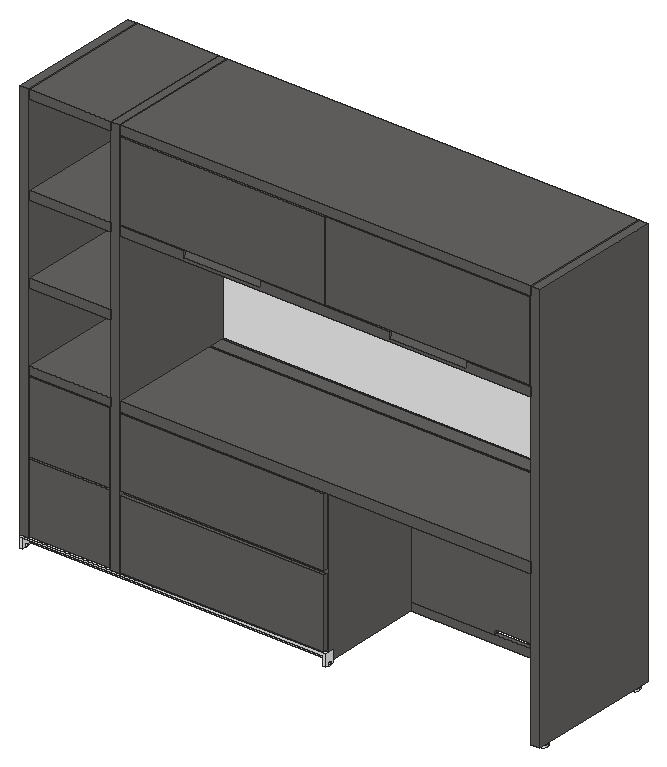
Revit family "Storage-Wall-Teknion-ZXLL_74_High_Without_Lights-R2011", category Furniture Systems, Revit 2013
Parameters (values of type "(See Type Catalog)")
  Working Wall Finish [instance] = Glass - Teknion - K6 - White Backpainted
  Width = 92.642"
  Warranty = "http://www.teknionstudio.com/pdfs/Teknion%20Studio%20Warranty.pdf"
  Wall Unit Finish [instance] = Veneer - Teknion - P7 - Grey Oak
  Unit Weight = 685.00 lbf
  URL = "www.teknionstudio.com"
  Tabletop Cutout Offset = if(Has Double Doors, 0", 4")  # 4"
  Storage Tower = Storage-Unit-Teknion-Tower : Upper Shelves & File/File Pedestal
  Series = "B&B Italia"
  Product Page URL = "http://www.teknionstudio.com/acexecutive/"
  Product Line = "AC Executive"
  Product Documentation Link = "http://www.teknionstudio.com/pricing/ac_executive_storage_walls_ppg.pdf"
  Part Number = "ZXLL"
  Model = ""
  Manufacturer Phone = "919-464-2920"
  Manufacturer Fax = "919-464-2927"
  Manufacturer Email = "customersupport@teknionstudio.com"
  Manufacturer Address = "3940 US 70 Business HWY West, Clayton, NC 27520"
  Manufacturer = "Teknion Studio"  # constant formula
  Low Emitting Material = yes
  Low Emitting Finish = yes
  Height = 73.81394"
  Has File File Drawers = not(Has Double Doors)  # yes
  Has Double Doors = no
  Description = ""
  Depth = 24"
  Assembly Code = "E2020200"
Reference planes (in)
  plane 1 "Center F/B": y = 0
  plane 2: z = 0
  plane 3 "Back": y = 12
  plane 4 "Front": y = -12
  plane 5 "Top": z = 73.81394
  plane 6: x = 28.60446
  plane 7: z = 29.68402
  plane 8: z = 56.1289
  plane 9: x = -44.7815
  plane 10: z = 2.1289
  plane 11: x = -8.08858
  plane 12 "Foot Centerline": y = -11.2126
  plane 13 "Tabletop Cutout": y = -16
  plane 14 "Foot Centerline Front": y = -10.22835
  plane 15 "Foot Centerline Back": y = 10.22835
  plane 16: y = -8.484
  plane 17 "Left": x = -62.49817
  plane 18 "Right": x = 30.14383
  plane 19 "Center L/R": x = -16.17717
Forms (in)
  Sweep 1, solid, material "Veneer - Teknion - P7 - Grey Oak" <- "Wall Unit Finish"
    path origin (0, 0, 15.40683) x (-1, 0, 0) y (0, -1, 0)
      loop
        line (0, -12) -> (0, 12)
    profile origin (0, 0, 15.40683) x (1, 0, 0) y (0, 0, 1)
      loop
        line (30.14383, -14.81732) -> (30.14383, 58.4071) -> (28.60446, 58.4071) -> (28.60446, -14.81732) -> (30.14383, -14.81732)
  Sweep 2, solid, material "Metal - Teknion - C6 - Chrome"
    path origin (0, 0, 0) x (1, 0, 0) y (0, 0, 1)
      loop
        line (-44.7815, 2.1289) -> (-8.08858, 2.1289) -> (-8.08858, 0.05803)
    profile origin (-26.43504, 0, 2.1289) x (0, 0, 1) y (0, -1, 0)
      loop
        line (0, 12) -> (-0.394, 12) -> (-0.394, 10.4252) -> (0, 10.4252) -> (0, 12)
  Sweep 3, solid, material "Metal - Teknion - C6 - Chrome"
    path origin (0, 0, 0) x (1, 0, 0) y (0, 0, 1)
      loop
        line (-44.7815, 2.1289) -> (-8.08858, 2.1289)
    profile origin (-26.43504, 0, 2.1289) x (0, 0, 1) y (0, -1, 0)
      loop
        line (-0.394, 10.6222) -> (-1.5748, 10.6222) -> (-1.5748, 10.4252) -> (-0.394, 10.4252) -> (-0.394, 10.6222)
  Sweep 4, solid, material "Veneer - Teknion - P7 - Grey Oak" <- "Wall Unit Finish"
    path origin (0, 0, 0) x (1, 0, 0) y (0, 0, 1)
      loop
        line (-44.7815, 29.68402) -> (28.60446, 29.68402)
    profile origin (-8.08852, 0, 29.68402) x (0, 0, 1) y (0, -1, 0)
      loop
        line (0, 12) -> (-1.7638, 12) -> (-1.7638, -7.11393) -> (-5.30827, -7.11393) -> (-5.30827, -7.08268) -> (-27.55512, -7.08268) -> (-27.55512, -7.11393) -> (-29.0945, -7.11393) -> (-29.0945, -7.80668) -> (-5.30828, -7.80668) -> (-5.30828, -12) -> (44.12992, -12) -> (44.12992, 12) -> (42.59022, 12) -> (42.59022, 11.2126) -> (27.98392, 11.2126) -> (27.98392, 12) -> (26.44488, 12) -> (26.44488, -10.94094) -> (0, -10.94094) -> (0, -10.90969) -> (-0.72441, -10.90969) -> (-0.72441, -10.56693) -> (0, -10.56693) -> (0, -8.05709) -> (-0.72441, -8.05709) -> (-0.72441, -7.80709) -> (0, -7.80709) -> (0, 12)
  Sweep 5, solid, material "Veneer - Teknion - P7 - Grey Oak" <- "Wall Unit Finish"
    path origin (0, 0, 0) x (1, 0, 0) y (0, 0, 1)
      loop
        line (-44.7815, 29.68402) -> (-8.08858, 29.68402)
    profile origin (-26.43504, 0, 29.68402) x (0, 0, 1) y (0, -1, 0)
      loop
        line (-1.7638, 11.27559) -> (-27.55512, 11.27559) -> (-27.55512, 10.4252) -> (-29.0945, 10.4252) -> (-29.0945, -12) -> (-1.7638, -12) -> (-1.7638, 11.27559)
  Sweep 6, solid, material "Veneer - Teknion - P7 - Grey Oak" <- "Wall Unit Finish"
    path origin (0, 0, 15.40683) x (-1, 0, 0) y (0, -1, 0)
      loop
        line (16.17717, 12) -> (16.17717, 11.276)
    profile origin (-16.17717, -11.638, 15.40683) x (-1, 0, 0) y (0, 0, 1)
      loop
        line (28.35433, 42.5111) -> (28.35433, 56.6174) -> (-7.96358, 56.6174) -> (-7.96358, 42.5111) -> (28.35433, 42.5111)
      loop
        line (-8.21358, 56.6174) -> (-44.53163, 56.6174) -> (-44.53163, 42.5111) -> (-8.21358, 42.5111) -> (-8.21358, 56.6174)
  Sweep 7, solid, material "Veneer - Teknion - P7 - Grey Oak" <- "Wall Unit Finish", visible <- "Has Double Doors"
    path origin (0, 0, 15.40683) x (-1, 0, 0) y (0, -1, 0)
      loop
        line (16.17717, 12) -> (16.17717, 11.276)
    profile origin (-16.17717, -11.638, 15.40683) x (-1, 0, 0) y (0, 0, 1)
      loop
        line (-7.83845, 12.26339) -> (-7.83845, -13.03482) -> (10.15274, -13.03482) -> (10.15274, 12.26339) -> (-7.83845, 12.26339)
      loop
        line (10.40274, 12.26339) -> (10.40274, -13.03482) -> (28.35446, -13.03482) -> (28.35446, 12.26339) -> (10.40274, 12.26339)
  Sweep 8, solid, material "Veneer - Teknion - P7 - Grey Oak" <- "Wall Unit Finish", visible <- "Has File File Drawers"
    path origin (0, 0, 15.40683) x (-1, 0, 0) y (0, -1, 0)
      loop
        line (16.17717, 12) -> (16.17717, 11.276)
    profile origin (-16.17717, -11.638, 15.40683) x (-1, 0, 0) y (0, 0, 1)
      loop
        line (-7.83845, 12.26339) -> (-7.83845, 0.01144) -> (28.35446, 0.01144) -> (28.35446, 12.26339) -> (-7.83845, 12.26339)
      loop
        line (28.35446, -0.77597) -> (-7.83845, -0.77597) -> (-7.83845, -13.03482) -> (28.35446, -13.03482) -> (28.35446, -0.77597)
  Sweep 9, void
    path origin (0, 0, 0) x (1, 0, 0) y (0, 0, 1)
      loop
        line (-33.34466, 29.68402) -> (-19.56514, 29.68402)
    profile origin (-26.4549, 0, 29.68402) x (0, 0, 1) y (0, -1, 0)
      loop
        line (-1.7638, 16) -> (-1.7638, 15.52756) -> (-0.66143, 16) -> (-1.7638, 16)
  Sweep 10, void
    path origin (0, 0, 0) x (1, 0, 0) y (0, 0, 1)
      loop
        line (-33.3248, 56.1289) -> (-19.54528, 56.1289)
    profile origin (-26.43504, 0, 56.1289) x (0, 0, 1) y (0, -1, 0)
      loop
        line (1.53937, 12) -> (0.43699, 12) -> (1.53937, 11.52755) -> (1.53937, 12)
  Sweep 11, void
    path origin (0, 0, 0) x (1, 0, 0) y (0, 0, 1)
      loop
        line (3.36811, 56.1289) -> (17.14764, 56.1289)
    profile origin (10.25787, 0, 56.1289) x (0, 0, 1) y (0, -1, 0)
      loop
        line (1.53937, 11.52755) -> (1.53937, 12) -> (0.43699, 12) -> (1.53937, 11.52755)
  Sweep 12, void
    path origin (0, 0, 15.40683) x (-1, 0, 0) y (0, -1, 0)
      loop
        line (0, -7.80668) -> (0, -7.08268)
    profile origin (0, 7.44468, 15.40683) x (1, 0, 0) y (0, 0, 1)
      loop
        line (6.83281, 8.96892) -> (6.83281, 8.10396)
        arc (6.83281, 8.10396) -> (7.06344, 7.54718) -> (7.62021, 7.31655) r 0.7874
        line (7.62021, 7.31655) -> (12.93517, 7.31655)
        arc (12.93517, 7.31655) -> (13.49195, 7.54718) -> (13.72257, 8.10396) r 0.7874
        line (13.72257, 8.10396) -> (13.72257, 8.96892) -> (6.83281, 8.96892)
      loop
        line (13.72257, -13.27793) -> (13.72257, -13.12045)
        arc (13.72257, -13.12045) -> (13.50348, -12.59152) -> (12.97454, -12.37242) r 0.74803
        line (12.97454, -12.37242) -> (7.58084, -12.37242)
        arc (7.58084, -12.37242) -> (7.0519, -12.59152) -> (6.83281, -13.12045) r 0.74803
        line (6.83281, -13.12045) -> (6.83281, -13.27793) -> (13.72257, -13.27793)
  Revolve 13, solid, material "Metal - Teknion - C6 - Chrome"
    sketch origin (38.23227, -11.2126, 0) x (0, 0, -1) y (1, 0, 0)
      loop
        line (-0.4911, -46.51785) -> (-0.4911, -46.8525) -> (-0.45173, -46.89187) -> (-0.28492, -46.89187) -> (-0.24555, -46.8525) -> (-0.20618, -46.89187) -> (-0.03937, -46.89187) -> (0, -46.8525) -> (0, -46.51785) -> (-0.4911, -46.51785)
      axis (0, -46.51785) -> (-0.4911, -46.51785)
    angle from 0 to 360
  Revolve 14, solid, material "Metal - Teknion - C6 - Chrome"
    sketch origin (0, -10.22835, 0) x (0, 0, 1) y (1, 0, 0)
      loop
        line (0.58951, 29.09181) -> (0.58951, 29.37571) -> (0, 29.37571) -> (0, 28.63616) -> (0.23622, 28.63616) -> (0.23622, 29.09181) -> (0.58951, 29.09181)
      axis (0.58951, 29.37571) -> (0, 29.37571)
    angle from 0 to 360
  Revolve 15, solid, material "Metal - Teknion - C6 - Chrome"
    sketch origin (0, 10.22835, 0) x (0, 0, 1) y (1, 0, 0)
      loop
        line (0.58951, 29.37571) -> (0, 29.37571) -> (0, 28.63616) -> (0.23622, 28.63616) -> (0.23622, 29.09181) -> (0.58951, 29.09181) -> (0.58951, 29.37571)
      axis (0, 29.37571) -> (0.58951, 29.37571)
    angle from 0 to 360
Cuts and joins
  joined: Sweep 2, Sweep 3
  Sweep 9, Sweep 10, Sweep 11, Sweep 12 cuts Sweep 4
  joined: Sweep 4, Sweep 5
Lines and regions (in)
  Masking region 1
    outline origin (0, 0, 15.40683) x (-1, 0, 0) y (0, -1, 0)
      loop
        line (44.7815, -12) -> (44.7815, 12) -> (-30.14383, 12) -> (-30.14383, -12) -> (44.7815, -12)
  symbolic lines, style "Elevation Swing"
    curve 1: line (-44.7815, -12, 57.66827) -> (-26.43504, -12, 72.02424)
    curve 2: line (-8.08858, -12, 57.66832) -> (-26.43504, -12, 72.02424)
    curve 3: line (-8.08858, 0, 57.66832) -> (10.25794, 0, 72.19583)
    curve 4: line (10.25794, 0, 72.19583) -> (28.60446, 0, 57.66827)
  symbolic lines, style "Elevation Swing", visible <- "Has Double Doors"
    curve 5: line (-26.5799, 0, 27.67022) -> (-44.53163, 0, 15.02111)
    curve 6: line (-44.53163, 0, 15.02111) -> (-26.5799, 0, 2.37201)
    curve 7: line (-26.3299, 0, 2.37201) -> (-8.33872, 0, 15.02456)
    curve 8: line (-8.33872, 0, 15.02456) -> (-26.3299, 0, 27.67022)
  symbolic lines, detail levels medium+fine
    curve 9: line (28.60446, 12, 15.40683) -> (28.60446, -12, 15.40683)
  symbolic lines, style "FurnitureSystemsHiddenLines", detail levels fine
    curve 10: line (-44.7815, -11.276, 15.40683) -> (28.60446, -11.276, 15.40683)
    curve 13: line (-8.08858, 12, 15.40683) -> (-8.08858, -12, 15.40683)
  symbolic lines, visible <- "Has Double Doors"
    curve 11: arc (-26.43497, -12, 15.40683) -> (-21.06144, -24.97286, 15.40683) -> (-8.08858, -30.34639, 15.40683) r 18.34639
    curve 12: line (-8.08858, -12, 15.40683) -> (-8.08858, -30.34639, 15.40683)
    curve 14: arc (-26.43511, -12, 15.40683) -> (-31.80864, -24.97286, 15.40683) -> (-44.7815, -30.34639, 15.40683) r 18.34639
    curve 15: line (-44.7815, -12, 15.40683) -> (-44.7815, -30.34639, 15.40683)
Dimensions and locks (in)
  "Width": plane 17 "Left" to plane 18 "Right"
  equal spacing: plane 3 "Back", plane 1 "Center F/B", plane 4 "Front"
  "Depth": plane 3 "Back" to plane 4 "Front"
  "Height": plane 5 "Top" to plane 2
  locked: plane 7 to plane 2 at 29.68402
  locked: plane 8 to plane 7 at 26.44488
  locked: plane 10 to plane 2 at 2.1289
  locked: Sweep 2 sketch curve to plane 2 at 0.05803
  locked: plane 10 to Sweep 3 sketch curve at 0.394
  locked: Sweep 3 sketch curve to Sweep 3 sketch curve at 1.1808
  plane 4 "Front" to Sweep 3 sketch curve to Sweep 3 sketch curve = 1.3778" locked, 0.197" locked
  locked: plane 4 "Front" to plane 12 "Foot Centerline" at 0.7874
  locked: plane 10 to Sweep 4 sketch curve at 1.53939
  locked: plane 7 to Sweep 4 sketch curve at 1.7638
  Sweep 5 sketch curve to Sweep 5 sketch curve to plane 3 "Back" = 23.27559", 0"
  locked: plane 7 to Sweep 5 sketch curve at 1.7638
  locked: plane 4 "Front" to Sweep 5 sketch curve at 1.5748
  locked: plane 4 "Front" to Sweep 6 sketch curve at 0.724
  plane 5 "Top" to Sweep 6 sketch curve to Sweep 6 sketch curve = 1.7897" locked, 14.1063" locked  (x2)
  Sweep 6 sketch curve to Sweep 6 sketch curve to Sweep 6 sketch curve to Sweep 6 sketch curve = 36.31805", 1/4", 36.31791"
  locked: plane 4 "Front" to Sweep 7 sketch curve at 0.724
  locked: plane 4 "Front" to Sweep 8 sketch curve at 0.724
  locked: Sweep 9 sketch curve to Sweep 9 sketch curve at 13.77953
  locked: plane 7 to Sweep 9 sketch curve at 1.7638
  locked: plane 13 "Tabletop Cutout" to Sweep 9 sketch curve at 0.47244
  "Tabletop Cutout Offset": plane 13 "Tabletop Cutout" to plane 4 "Front"
  locked: Sweep 10 sketch curve to Sweep 10 sketch curve at 13.77953
  locked: Sweep 10 sketch curve to plane 8 at 1.53937
  locked: Sweep 10 sketch curve to plane 8 at 0.43699
  locked: plane 4 "Front" to Sweep 10 sketch curve at 0.47245
  Sweep 11 sketch curve to Sweep 11 sketch curve to plane 8 = 1.10238" locked, 0.43699" locked
  locked: plane 4 "Front" to Sweep 11 sketch curve at 0.47245
  plane 3 "Back" to Sweep 12 sketch curve to Sweep 12 sketch curve = 4.19332" locked, 0.724" locked
  equal spacing: plane 11, curve 2, plane 9
  equal spacing: plane 6, curve 4, plane 11
  locked: plane 4 "Front" to curve 10 at 0.724
  locked: plane 3 "Back" to plane 15 "Foot Centerline Back" at 1.77165
  locked: plane 4 "Front" to plane 14 "Foot Centerline Front" at 1.77165
  locked: plane 4 "Front" to plane 16 at 3.516
  locked: plane 17 "Left" to plane 9 at 17.71667
  locked: Sweep 7 sketch curve to Sweep 7 sketch curve at 25.29821  (x2)
  Sweep 7 sketch curve to Sweep 7 sketch curve to Sweep 7 sketch curve to Sweep 7 sketch curve = 17.95173" locked, 1/4" locked, 17.99118" locked
  Sweep 8 sketch curve to Sweep 8 sketch curve to Sweep 8 sketch curve to Sweep 8 sketch curve = 12.25195" locked, 0.7874" locked, 12.25886" locked
  locked: Sweep 8 sketch curve to Sweep 8 sketch curve at 36.19291  (x2)
  locked: Sweep 12 sketch curve to Sweep 12 sketch curve at 6.88976  (x2)
  locked: Sweep 12 sketch curve to Sweep 12 sketch curve at 1.65236
  locked: Sweep 1 sketch curve to plane 6 at 1.53937
  Revolve 13 sketch curve to Revolve 13 sketch curve to Revolve 13 sketch curve to Revolve 13 sketch curve to Revolve 13 sketch curve = 0.16681" locked, 0.03937" locked, 0.03937" locked, 0.16681" locked
  locked: plane 11 to Sweep 10 sketch curve at 11.45669
  Sweep 11 sketch curve to Sweep 11 sketch curve to plane 11 = 13.77953" locked, 11.45669" locked
  locked: plane 11 to Sweep 12 sketch curve at 14.92139
  locked: Sweep 12 sketch curve to plane 11 at 14.92139
  locked: Sweep 8 sketch curve to plane 11 at 0.25013
  plane 11 to Sweep 8 sketch curve = 36.44305"
  locked: plane 7 to Sweep 8 sketch curve at 2.0138
  locked: plane 7 to Sweep 7 sketch curve at 2.0138  (x2)
  locked: plane 6 to plane 18 "Right" at 1.53937
  equal spacing: plane 17 "Left", plane 19 "Center L/R", plane 18 "Right"
  locked: plane 19 "Center L/R" to plane 11 at 8.08858
  locked: Sweep 6 sketch curve to plane 6 at 0.25
  locked: Sweep 9 sketch curve to plane 9 at 11.43683
  locked: plane 11 to Sweep 8 sketch curve at 0.25013
  locked: plane 11 to Sweep 7 sketch curve at 0.25013
  locked: Sweep 1 sketch curve to plane 2 at 0.58951
  locked: plane 11 to Revolve 13 sketch curve at 0.197  (x2)
  locked: plane 18 "Right" to Revolve 14 sketch curve at 0.76813
  Revolve 14 sketch curve to Revolve 14 sketch curve to plane 2 = 0.35329" locked, 0.23622" locked
  Revolve 15 sketch curve to Revolve 15 sketch curve to plane 2 = 0.35329" locked, 0.23622" locked
  plane 18 "Right" to Revolve 15 sketch curve to Revolve 15 sketch curve to Revolve 15 sketch curve = 0.76813" locked, 0.2839" locked, 0.45565" locked
  locked: plane 18 "Right" to Revolve 15 sketch curve at 0.76813
  aligned and locked: level to plane 2
  aligned and locked: plane 3 "Back" to Sweep 1 sketch curve
  aligned and locked: plane 4 "Front" to Sweep 1 sketch curve
  aligned and locked: Sweep 2 sketch curve to plane 10  (x2)
  aligned and locked: Sweep 2 sketch curve to plane 4 "Front"
  aligned and locked: Sweep 3 sketch curve to plane 10
  aligned and locked: plane 9 to Sweep 4 sketch curve
  aligned and locked: plane 6 to Sweep 4 sketch curve
  aligned and locked: Sweep 4 sketch curve to plane 7  (x4)
  aligned and locked: Sweep 4 sketch curve to plane 4 "Front"
  aligned and locked: plane 3 "Back" to Sweep 4 sketch curve
  aligned and locked: Sweep 5 sketch curve to plane 7
  aligned and locked: plane 10 to Sweep 5 sketch curve
  aligned and locked: plane 4 "Front" to Sweep 6 sketch curve
  aligned and locked: Sweep 4 sketch curve to plane 8
  aligned and locked: plane 4 "Front" to Sweep 7 sketch curve
  aligned and locked: plane 4 "Front" to Sweep 8 sketch curve
  aligned and locked: Sweep 9 sketch curve to plane 7
  aligned and locked: plane 13 "Tabletop Cutout" to Sweep 9 sketch curve
  aligned and locked: Sweep 10 sketch curve to plane 8
  aligned and locked: Sweep 11 sketch curve to plane 8
  aligned and locked: Sweep 11 sketch curve to plane 4 "Front"
  aligned and locked: plane 9 to curve 1
  aligned and locked: plane 11 to curve 2
  aligned and locked: Sweep 6 to curve 2
  aligned and locked: plane 6 to curve 4
  aligned and locked: Masking region 1 sketch curve to plane 3 "Back"
  aligned and locked: Masking region 1 sketch curve to plane 4 "Front"
  aligned and locked: plane 3 "Back" to curve 9
  aligned and locked: plane 4 "Front" to curve 9
  aligned and locked: plane 3 "Back" to curve 13
  aligned and locked: plane 4 "Front" to Sweep 10 sketch curve
  aligned and locked: Sweep 4 sketch curve to plane 5 "Top"
  aligned and locked: plane 12 "Foot Centerline" to Sweep 4 sketch curve
  aligned and locked: plane 4 "Front" to Sweep 4 sketch curve  (x2)
  aligned and locked: Sweep 1 sketch curve to plane 6
  aligned and locked: plane 5 "Top" to Sweep 1 sketch curve
  aligned and locked: plane 10 to Sweep 12 sketch curve
  aligned and locked: Masking region 1 sketch curve to plane 18 "Right"
  aligned and locked: plane 9 to Masking region 1 sketch curve
  aligned and locked: Sweep 7 sketch curve to plane 19 "Center L/R"
  aligned and locked: plane 1 "Center F/B" to Sweep 5 sketch curve
  aligned and locked: Sweep 8 sketch curve to plane 19 "Center L/R"
  aligned and locked: Sweep 6 sketch curve to plane 19 "Center L/R"
  aligned and locked: nested 1 to plane 2
  aligned and locked: Sweep 7 to curve 7
  aligned and locked: curve 6 to Sweep 7
  aligned and locked: curve 8 to Sweep 7
  aligned and locked: Sweep 7 to curve 5
  aligned and locked: Sweep 7 to Sweep 7
  aligned and locked: Sweep 7 to curve 6
  aligned and locked: curve 7 to Sweep 7
  aligned and locked: Sweep 7 to curve 8
  aligned and locked: Revolve 13 sketch curve to Revolve 13 sketch curve
  aligned and locked: Revolve 13 sketch curve to plane 2
  aligned and locked: plane 9 to nested 1
  aligned and locked: nested 1 to plane 1 "Center F/B"
  aligned and locked: plane 9 to Sweep 5 sketch curve
  aligned and locked: plane 11 to Sweep 5 sketch curve
  aligned and locked: plane 9 to Sweep 2 sketch curve
  aligned and locked: plane 9 to Sweep 3 sketch curve
  aligned and locked: Sweep 2 sketch curve to plane 11
  aligned and locked: plane 11 to Sweep 3 sketch curve
  aligned and locked: Revolve 15 sketch curve to plane 2
  aligned and locked: curve 12 to plane 11
  aligned and locked: curve 9 to plane 6
  aligned and locked: curve 15 to plane 9
  aligned and locked: plane 4 "Front" to curve 15
  aligned and locked: plane 4 "Front" to curve 12
  aligned and locked: plane 4 "Front" to curve 14
  aligned and locked: plane 4 "Front" to curve 11
  aligned and locked: plane 9 to curve 10
Automatic sketch dimensions
  plane 8 to curve 2 = 1.53942"
  plane 8 to curve 1 = 1.53937"
  profile plane to Sweep 2 sketch curve = 0.394"
  Sweep 2 sketch curve to Sweep 2 sketch curve = 1.5748"
  Sweep 4 sketch curve to Sweep 4 sketch curve = 1.53939"
  Sweep 4 sketch curve to Sweep 4 sketch curve = 3.54449"
  Sweep 4 sketch curve to Sweep 4 sketch curve = 0"
  profile plane to Sweep 4 sketch curve = 0.72441"  (x2)
  Sweep 4 sketch curve to Sweep 4 sketch curve = 1.53904"
  Sweep 4 sketch curve to Sweep 4 sketch curve = 1.5397"
  Sweep 4 sketch curve to Sweep 4 sketch curve = 1.05906"
  Sweep 4 sketch curve to Sweep 4 sketch curve = 1/32"  (x2)
  Sweep 4 sketch curve to Sweep 4 sketch curve = 0.34277"
  Sweep 4 sketch curve to Sweep 4 sketch curve = 2.50984"
  Sweep 4 sketch curve to Sweep 4 sketch curve = 1/4"
  Sweep 4 sketch curve to plane 1 "Center F/B" = 7.80668"
  Sweep 4 sketch curve to Sweep 4 sketch curve = 0.69275"
  Sweep 4 sketch curve to Sweep 4 sketch curve = 0.69316"
  Sweep 5 sketch curve to plane 11 = 36.69291"
  Sweep 5 sketch curve to plane 6 = 36.69305"
  Sweep 5 sketch curve to Sweep 5 sketch curve = 1.53939"
  profile plane to Sweep 9 sketch curve = 0.66143"
  profile plane to Sweep 12 sketch curve = 8.96892"
  Sweep 12 sketch curve to Sweep 12 sketch curve = 0.74803"  (x2)
  Sweep 12 sketch curve to Sweep 12 sketch curve = 0.7874"  (x2)
  Sweep 12 sketch curve to Sweep 12 sketch curve = 0.15748"
  plane 11 to Sweep 1 sketch curve = 8.08858"
  plane 11 to Sweep 12 sketch curve = 8.08858"
  curve 3 to plane 11 = 0"
  curve 8 to plane 6 = 36.94318"
  curve 8 to curve 5 = 0"
  plane 10 to curve 8 = 12.89566"
  plane 10 to curve 6 = 12.89222"
  plane 10 to curve 6 = 0.24311"
  plane 8 to curve 4 = 1.53937"
  plane 8 to curve 3 = 1.53942"
  curve 3 to plane 5 "Top" = 1.61811"
  level to Revolve 13 sketch curve = 0.03937"
  Revolve 13 sketch curve to Revolve 13 sketch curve = 0.03937"  (x2)
  Revolve 13 sketch curve to Revolve 13 sketch curve = 0.7589"
  Revolve 13 sketch curve to level = 1"
  Revolve 13 sketch curve to Revolve 13 sketch curve = 0.33465"  (x2)
  Revolve 13 sketch curve to Revolve 13 sketch curve = 0"
  Revolve 14 sketch curve to level = 0"
  Revolve 14 sketch curve to level = 0.3423"
  Revolve 14 sketch curve to Revolve 14 sketch curve = 0.39671"
  Revolve 14 sketch curve to Revolve 14 sketch curve = 0"
  Revolve 14 sketch curve to Revolve 14 sketch curve = 0.2839"
  plane 6 to Revolve 14 sketch curve = 0.03169"
  Revolve 15 sketch curve to level = 0.2361"
  Revolve 15 sketch curve to Revolve 15 sketch curve = 0.39671"
  plane 19 "Center L/R" to curve 14 = 10.25794"
  curve 11 to curve 14 = 0.00013"
Nested families (in)
  nested 1: "Storage-Unit-Teknion-Tower" at (-53.63976, 0, 0) x (-1, 0, 0) z (0, 0, 1), type <- "Storage Tower", Height <- "Height", type "Upper Shelves & File/File Pedestal"
    with Height 73.81394", Has Top Shelf no, Bottom Drawer Height 13.047"
Definition of nested family "Storage-Unit-Teknion-Tower"
  Parameters (values of type "Upper Wardrobe & Lower Door")
    Width = 17.71654"
    Warranty = "http://www.teknionstudio.com/pdfs/Teknion%20Studio%20Warranty.pdf"
    Wall Unit Finish = Veneer - Teknion - P8 - Light Brushed Oak
    URL = "www.teknionstudio.com"
    Series = "B&B Italia"
    Product Line = "AC Executive"
    Model = ""
    Middle Drawer Height = if(Has Top Drawer, 6.425", 12.719")  # 12.719"
    Manufacturer Phone = "919-464-2920"
    Manufacturer Fax = "919-464-2927"
    Manufacturer Email = "customersupport@teknionstudio.com"
    Manufacturer Address = "3940 US 70 Business HWY West, Clayton, NC 27520"
    Manufacturer = "Teknion Studio"  # constant formula
    Height [instance] = 73.81394"
    Has Top Shelf [instance] = and(Height > 75", Has Shelves)  # no
    Has Top Drawer = no
    Has Top Door = yes
    Has Shelves = no
    Has Right Leg = yes
    Has Middle Drawer = no
    Has Lower Shelf = yes
    Has Left Leg = no
    Has Full Wardrobe Door = no
    Has Doors = yes
    Door Projection Symbol = yes
    Description = "Tower Storage Unit"
    Depth = 24"
    Bottom Drawer Height [instance] = if(Has Middle Drawer, 13.047", if(Has Top Drawer, 13.047", if(Has Full Wardrobe Door, (Height - 3.668"), 26.016")))  # 26.016"
    Assembly Code = "E2010200"
  Types (7): name | Wall Unit Finish | Series | Product Line | Middle Drawer Height | Has Top Drawer | Has Top Door | Has Shelves | Has Middle Drawer | Has Lower Shelf | Has Full Wardrobe Door | Has Doors | Door Projection Symbol | Bottom Drawer Height
    Upper Shelves & Lower Door | none | "AC Executive" | "" | 12.719" | no | no | yes | no | yes | no | yes | yes | 26.016"
    Upper Shelves & File/File Pedestal | none | "AC Executive" | "" | 12.719" | no | no | yes | yes | yes | no | no | no | 13.047"
    Upper Shelves & Box/Box/File Pedestal | Veneer - Teknion - P8 - Light Brushed Oak | "AC Executive" | "" | 6.425" | yes | no | yes | yes | yes | yes | no | no | 13.047"
    Full Wardrobe | none | "AC Executive" | "" | 12.719" | no | no | no | no | no | yes | yes | yes | 70.14594"
    Upper Wardrobe & Lower Door | Veneer - Teknion - P8 - Light Brushed Oak | "B&B Italia" | "AC Executive" | 12.719" | no | yes | no | no | yes | no | yes | yes | 26.016"
    Upper Wardrobe & File/File Pedestal | none | "AC Executive" | "" | 12.719" | no | yes | no | yes | yes | no | no | yes | 13.047"
    Upper Wardrobe & Box/Box/File Pedestal | none | "AC Executive" | "" | 6.425" | yes | yes | no | yes | yes | no | no | yes | 13.047"
  Reference planes (in)
    plane 1 "Center F/B": y = 0
    plane 2: z = 0
    plane 3 "Center L/R": x = 0
    plane 4 "Left": x = -8.85827
    plane 5 "Right": x = 8.85827
    plane 6 "Back": y = 12
    plane 7 "Front": y = -12
    plane 8 "Top": z = 73.81394
    plane 9: x = -7.3189
    plane 10: x = 7.3189
    plane 11: z = 2.1289
    plane 12 "Foot Centerline": y = -11.2126
    plane 13: z = 29.68402
    plane 14 "Drawer 1 Top": z = 28.1449
    plane 15 "Drawer 2 Top": z = 40.8639
    plane 16 "Drawer 3 Top": z = 27.89502
    plane 17: z = 42.13677
  Forms (in)
    Sweep 1, solid, material "Metal - Teknion - C6 - Chrome", visible <- "Has Left Leg"
      path origin (0, -12, 0) x (1, 0, 0) y (0, 0, 1)
        loop
          line (-8.85827, 1.7349) -> (-8.85827, 0.05803)
      profile origin (-8.85827, -12, 0.89646) x (0, -1, 0) y (1, 0, 0)
        loop
          line (-1.5748, 0) -> (0, 0) -> (0, 0.394) -> (-1.5748, 0.394) -> (-1.5748, 0)
    Sweep 2, solid, material "Metal - Teknion - C6 - Chrome"
      path origin (0, -12, 0) x (1, 0, 0) y (0, 0, 1)
        loop
          line (-8.85827, 2.1289) -> (8.46427, 2.1289)
      profile origin (-0.197, -12, 2.1289) x (0, 0, 1) y (0, -1, 0)
        loop
          line (-0.394, -1.5748) -> (-0.394, -1.3778) -> (-1.575, -1.3778) -> (-1.575, -1.5748) -> (-0.394, -1.5748)
    Revolve 3, solid, material "Metal - Teknion - C6 - Chrome"
      sketch origin (0, -11.2126, 0) x (0, 0, -1) y (1, 0, 0)
        loop
          line (-0.4911, 8.32677) -> (-0.45173, 8.2874) -> (-0.28492, 8.2874) -> (-0.24555, 8.32677) -> (-0.20618, 8.2874) -> (-0.03937, 8.2874) -> (0, 8.32677) -> (0, 8.66142) -> (-0.4911, 8.66142) -> (-0.4911, 8.32677)
        axis (0, 8.66142) -> (-0.4911, 8.66142)
      angle from 0 to 360
    Revolve 4, solid, material "Metal - Teknion - C6 - Chrome", visible <- "Has Left Leg"
      sketch origin (0, -11.2126, 0) x (0, 0, -1) y (1, 0, 0)
        loop
          line (0, -8.99606) -> (0, -8.66142) -> (-0.4911, -8.66142) -> (-0.4911, -8.99606) -> (-0.45173, -9.03543) -> (-0.28492, -9.03543) -> (-0.24555, -8.99606) -> (-0.20618, -9.03543) -> (-0.03937, -9.03543) -> (0, -8.99606)
        axis (0, -8.66142) -> (-0.4911, -8.66142)
      angle from 0 to 360
    Sweep 5, solid, material "Veneer - Teknion - P8 - Light Brushed Oak" <- "Wall Unit Finish"
      path origin (0, 0, 0) x (1, 0, 0) y (0, 0, 1)
        loop
          line (0, 2.1289) -> (0, 73.81394)
      profile origin (0, 0, 37.97142) x (-1, 0, 0) y (0, -1, 0)
        loop
          line (8.85827, -12) -> (8.85827, 12) -> (7.3189, 12) -> (7.3189, -12) -> (8.85827, -12)
        loop
          line (-7.3189, 12) -> (-8.85827, 12) -> (-8.85827, -12) -> (-7.3189, -12) -> (-7.3189, 12)
    Sweep 6, solid, material "Veneer - Teknion - P8 - Light Brushed Oak" <- "Wall Unit Finish"
      path origin (0, 0, 15.40683) x (-1, 0, 0) y (0, -1, 0)
        loop
          line (0, -12) -> (0, 12)
      profile origin (0, 0, 15.40683) x (1, 0, 0) y (0, 0, 1)
        loop
          line (-7.3189, 58.4071) -> (-7.3189, 56.86773) -> (7.3189, 56.86773) -> (7.3189, 58.4071) -> (-7.3189, 58.4071)
    Sweep 7, solid, material "Veneer - Teknion - P8 - Light Brushed Oak" <- "Wall Unit Finish"
      path origin (0, -12, 0) x (1, 0, 0) y (0, 0, 1)
        loop
          line (0, 2.1289) -> (0, 72.27457)
      profile origin (0, -12, 37.20173) x (-1, 0, 0) y (0, -1, 0)
        loop
          line (7.3189, -24) -> (7.3189, -23.25) -> (-7.3189, -23.25) -> (-7.3189, -24) -> (7.3189, -24)
    Sweep 8, solid, material "Veneer - Teknion - P8 - Light Brushed Oak" <- "Wall Unit Finish", visible <- "Has Lower Shelf"
      path origin (0, -12, 0) x (1, 0, 0) y (0, 0, 1)
        loop
          line (-7.3189, 29.68402) -> (7.3189, 29.68402)
      profile origin (0, -12, 29.68402) x (0, 0, 1) y (0, -1, 0)
        loop
          line (0, 0) -> (-1.539, 0) -> (-1.539, -0.724) -> (-27.55512, -0.724) -> (-27.55512, -23.25) -> (0, -23.25) -> (0, 0)
    Sweep 9, solid, material "Veneer - Teknion - P8 - Light Brushed Oak" <- "Wall Unit Finish"
      path origin (0, -12, 0) x (1, 0, 0) y (0, 0, 1)
        loop
          line (0, 2.3789) -> (0, 27.8949)
      profile origin (0, -12, 15.1369) x (-1, 0, 0) y (0, -1, 0)
        loop
          line (7.0689, -0.724) -> (7.0689, 0) -> (-7.0689, 0) -> (-7.0689, -0.724) -> (7.0689, -0.724)
    Sweep 10, solid, material "Veneer - Teknion - P8 - Light Brushed Oak" <- "Wall Unit Finish", visible <- "Has Middle Drawer"
      path origin (0, -12, 0) x (1, 0, 0) y (0, 0, 1)
        loop
          line (0, 28.1449) -> (0, 40.8639)
      profile origin (0, -12, 34.5044) x (-1, 0, 0) y (0, -1, 0)
        loop
          line (7.0689, -0.724) -> (7.0689, 0) -> (-7.0689, 0) -> (-7.0689, -0.724) -> (7.0689, -0.724)
    Sweep 11, solid, material "Veneer - Teknion - P8 - Light Brushed Oak" <- "Wall Unit Finish", visible <- "Has Top Drawer"
      path origin (0, -12, 0) x (1, 0, 0) y (0, 0, 1)
        loop
          line (0, 47.15802) -> (0, 41.1139)
      profile origin (0, -12, 44.13596) x (0, -1, 0) y (1, 0, 0)
        loop
          line (0, 7.0689) -> (-0.724, 7.0689) -> (-0.724, -7.0689) -> (0, -7.0689) -> (0, 7.0689)
    Sweep 12, solid, material "Veneer - Teknion - P8 - Light Brushed Oak" <- "Wall Unit Finish", visible <- "Has Shelves"
      path origin (0, -12, 0) x (1, 0, 0) y (0, 0, 1)
        loop
          line (0, 42.13677) -> (0, 43.67614)
      profile origin (0, -12, 42.90646) x (-1, 0, 0) y (0, -1, 0)
        loop
          line (7.3189, -23.25) -> (7.3189, 0) -> (-7.3189, 0) -> (-7.3189, -23.25) -> (7.3189, -23.25)
    Sweep 13, solid, material "Veneer - Teknion - P8 - Light Brushed Oak" <- "Wall Unit Finish", visible <- "Has Shelves"
      path origin (0, -12, 13.9918) x (1, 0, 0) y (0, 0, 1)
        loop
          line (0, 42.13677) -> (0, 43.67614)
      profile origin (0, -12, 56.89825) x (-1, 0, 0) y (0, -1, 0)
        loop
          line (7.3189, -23.25) -> (7.3189, 0) -> (-7.3189, 0) -> (-7.3189, -23.25) -> (7.3189, -23.25)
    Sweep 14, solid, material "Veneer - Teknion - P8 - Light Brushed Oak" <- "Wall Unit Finish", visible <- "Has Top Door"
      path origin (0, -12, 0) x (1, 0, 0) y (0, 0, 1)
        loop
          line (0, 29.93402) -> (0, 72.02457)
      profile origin (0, -12, 50.97929) x (-1, 0, 0) y (0, -1, 0)
        loop
          line (7.0689, -0.724) -> (7.0689, 0) -> (-7.0689, 0) -> (-7.0689, -0.724) -> (7.0689, -0.724)
    Sweep 15, solid, material "Veneer - Teknion - P8 - Light Brushed Oak" <- "Wall Unit Finish"
      path origin (0, -12, 0) x (1, 0, 0) y (0, 0, 1)
        loop
          line (-8.85827, 2.1289) -> (8.85827, 2.1289)
      profile origin (0, -12, 2.1289) x (0, 0, 1) y (0, -1, 0)
        loop
          line (0, -1.5748) -> (-1.53937, -1.5748) -> (-1.53937, -24) -> (0, -24) -> (0, -1.5748)
    Sweep 16, solid, material "Veneer - Teknion - P8 - Light Brushed Oak" <- "Wall Unit Finish", visible <- "Has Top Shelf"
      path origin (0, 0, 0) x (1, 0, 0) y (0, 0, 1)
        loop
          line (0, 73.81394) -> (0, 72.27457)
      profile origin (0, 0, 73.04425) x (0, -1, 0) y (1, 0, 0)
        loop
          line (-11.25, -7.3189) -> (12, -7.3189) -> (12, 7.3189) -> (-11.25, 7.3189) -> (-11.25, -7.3189)
    Sweep 17, solid, material "Metal - Teknion - C6 - Chrome"
      path origin (0, 0, 0) x (1, 0, 0) y (0, 0, 1)
        loop
          line (-8.85827, 2.1289) -> (8.85827, 2.1289)
      profile origin (0, 0, 2.1289) x (0, 0, 1) y (0, -1, 0)
        loop
          line (0, 10.4252) -> (0, 12) -> (-0.394, 12) -> (-0.394, 10.4252) -> (0, 10.4252)
    Sweep 18, solid, material "Metal - Teknion - C6 - Chrome"
      path origin (0, 0, 0) x (1, 0, 0) y (0, 0, 1)
        loop
          line (8.85827, 1.7349) -> (8.85827, 0.05803)
      profile origin (8.85827, 0, 0.89646) x (0, -1, 0) y (1, 0, 0)
        loop
          line (10.4252, -0.394) -> (12, -0.394) -> (12, 0) -> (10.4252, 0) -> (10.4252, -0.394)
  Lines and regions (in)
    Masking region 1
      outline origin (0, 0, 15.40683) x (-1, 0, 0) y (0, -1, 0)
        loop
          line (8.85827, -12) -> (8.85827, 12) -> (-8.85827, 12) -> (-8.85827, -12) -> (8.85827, -12)
    symbolic lines, style "FurnitureSystems", detail levels medium+fine
      curve 1: line (-7.3189, 12, 15.40683) -> (-7.3189, -12, 15.40683)
      curve 2: line (7.3189, 12, 15.40683) -> (7.3189, -12, 15.40683)
    symbolic lines, style "FurnitureSystemsHiddenLines", detail levels fine
      curve 3: line (-7.3189, -11.276, 15.40683) -> (7.3189, -11.276, 15.40683)
    symbolic lines, style "Elevation Swing", visible <- "Has Doors"
      curve 4: line (-7.3189, -12, 2.1289) -> (7.3189, -12, 15.1369)
      curve 5: line (7.3189, -12, 15.1369) -> (-7.3189, -12, 28.1449)
    symbolic lines, style "Elevation Swing", visible <- "Has Top Door"
      curve 6: line (-7.3189, -12, 29.68402) -> (7.3189, -12, 50.97929)
      curve 7: line (7.3189, -12, 50.97929) -> (-7.3189, -12, 72.27457)
    symbolic lines, style "FurnitureSystems", visible <- "Door Projection Symbol"
      curve 8: arc (-7.3189, -12, 0) -> (-3.03159, -22.35048, 0) -> (7.3189, -26.6378, 0) r 14.6378
    symbolic lines, visible <- "Door Projection Symbol"
      curve 9: line (7.3189, -12, 15.40683) -> (7.3189, -26.6378, 15.40683)
  Dimensions and locks (in)
    equal spacing: plane 4 "Left", plane 3 "Center L/R", plane 5 "Right"
    "Width": plane 4 "Left" to plane 5 "Right"
    equal spacing: plane 6 "Back", plane 1 "Center F/B", plane 7 "Front"
    "Depth": plane 6 "Back" to plane 7 "Front"
    locked: plane 4 "Left" to plane 9 at 1.53937
    locked: plane 10 to plane 5 "Right" at 1.53937
    "Height": plane 8 "Top" to level
    locked: Sweep 1 sketch curve to level at 0.05803
    locked: plane 11 to plane 2 at 2.1289
    plane 11 to Sweep 2 sketch curve to Sweep 2 sketch curve = 0.394" locked, 1.181" locked
    plane 7 "Front" to Sweep 2 sketch curve to Sweep 2 sketch curve = 1.3778" locked, 0.197" locked
    locked: Revolve 3 sketch curve to plane 2 at 0.4911  (x2)
    locked: plane 5 "Right" to Revolve 3 sketch curve at 0.57087
    locked: plane 7 "Front" to plane 12 "Foot Centerline" at 0.7874
    Revolve 3 sketch curve to Revolve 3 sketch curve to Revolve 3 sketch curve to Revolve 3 sketch curve to plane 2 = 0.16681" locked, 0.07874" locked, 0.16681" locked, 0.03937" locked
    locked: Revolve 4 sketch curve to plane 2 at 0.4911  (x2)
    locked: Revolve 4 sketch curve to Revolve 4 sketch curve at 0.37402
    Revolve 4 sketch curve to Revolve 4 sketch curve to Revolve 4 sketch curve to Revolve 4 sketch curve to plane 2 = 0.16681" locked, 0.07874" locked, 0.16681" locked, 0.03937" locked
    locked: Revolve 4 sketch curve to plane 4 "Left" at 0.19685
    locked: plane 8 "Top" to Sweep 6 sketch curve at 1.53937
    locked: plane 8 "Top" to Sweep 7 sketch curve at 1.53937
    locked: plane 6 "Back" to Sweep 7 sketch curve at 0.75
    locked: plane 13 to plane 2 at 29.68402
    locked: plane 7 "Front" to Sweep 8 sketch curve at 0.724
    locked: plane 13 to Sweep 8 sketch curve at 1.539
    locked: plane 13 to plane 16 "Drawer 3 Top" at 1.789
    "Bottom Drawer Height": plane 14 "Drawer 1 Top" to plane 11
    "Middle Drawer Height": plane 15 "Drawer 2 Top" to plane 14 "Drawer 1 Top"
    locked: plane 14 "Drawer 1 Top" to Sweep 9 sketch curve at 0.25
    locked: plane 7 "Front" to Sweep 9 sketch curve at 0.724
    locked: Sweep 10 sketch curve to plane 12 "Foot Centerline" at 0.0634
    locked: plane 7 "Front" to Sweep 11 sketch curve at 0.724
    locked: plane 17 to plane 13 at 12.45276
    group 1 to group 2 = 0"  (x2)
    group 1 to group 2 = 13.9918"
    locked: Sweep 13 to plane 17 at 13.9918
    locked: plane 8 "Top" to Sweep 14 sketch curve at 1.78937
    locked: Sweep 14 sketch curve to plane 13 at 0.25
    locked: plane 7 "Front" to Sweep 14 sketch curve at 0.724
    locked: plane 11 to Sweep 15 sketch curve at 1.53937
    locked: plane 7 "Front" to Sweep 15 sketch curve at 1.5748
    equal spacing: Sweep 6, curve 7, plane 13
    equal spacing: plane 14 "Drawer 1 Top", curve 5, plane 11
    locked: plane 6 "Back" to Sweep 16 sketch curve at 0.75
    Sweep 16 sketch curve to Sweep 16 sketch curve to plane 2 = 1.53937" locked, 72.27457" locked
    locked: Sweep 9 sketch curve to plane 11 at 0.25
    locked: plane 9 to Sweep 9 sketch curve at 0.25
    locked: Sweep 9 sketch curve to plane 10 at 0.25
    locked: Sweep 11 sketch curve to plane 15 "Drawer 2 Top" at 0.25
    locked: plane 9 to Sweep 11 sketch curve at 0.25
    locked: Sweep 11 sketch curve to plane 10 at 0.25
    locked: Sweep 10 sketch curve to plane 10 at 0.25
    locked: plane 9 to Sweep 10 sketch curve at 0.25
    locked: Sweep 11 sketch curve to Sweep 11 sketch curve at 6.04412
    locked: Sweep 14 sketch curve to plane 10 at 0.25
    locked: plane 9 to Sweep 14 sketch curve at 0.25
    locked: plane 4 "Left" to Sweep 1 sketch curve at 0.394
    locked: plane 7 "Front" to Sweep 1 sketch curve at 1.5748
    locked: plane 11 to Sweep 1 sketch curve at 0.394
    locked: Sweep 17 sketch curve to plane 7 "Front" at 1.5748
    locked: plane 11 to Sweep 17 sketch curve at 0.394
    locked: Sweep 18 sketch curve to plane 2 at 0.05803
    locked: Sweep 18 sketch curve to plane 5 "Right" at 0.394
    locked: plane 7 "Front" to Sweep 18 sketch curve at 1.5748
    locked: plane 11 to Sweep 18 sketch curve at 0.394
    locked: plane 5 "Right" to Sweep 2 sketch curve at 0.394
    aligned and locked: level to plane 2
    aligned and locked: Sweep 1 sketch curve to plane 4 "Left"
    aligned and locked: Sweep 2 sketch curve to plane 11
    aligned and locked: plane 2 to Revolve 3 sketch curve
    aligned and locked: Revolve 3 sketch curve to plane 2
    aligned and locked: plane 2 to Revolve 4 sketch curve
    aligned and locked: Revolve 4 sketch curve to plane 2
    aligned and locked: plane 8 "Top" to Sweep 5 sketch curve
    aligned and locked: plane 11 to Sweep 5 sketch curve
    aligned and locked: plane 3 "Center L/R" to Sweep 5 sketch curve
    aligned and locked: Sweep 5 sketch curve to plane 6 "Back"
    aligned and locked: plane 6 "Back" to Sweep 5 sketch curve
    aligned and locked: Sweep 5 sketch curve to plane 10
    aligned and locked: plane 5 "Right" to Sweep 5 sketch curve
    aligned and locked: Sweep 5 sketch curve to plane 9
    aligned and locked: plane 4 "Left" to Sweep 5 sketch curve
    aligned and locked: Sweep 5 sketch curve to plane 7 "Front"
    aligned and locked: plane 7 "Front" to Sweep 5 sketch curve
    aligned and locked: plane 6 "Back" to Sweep 6 sketch curve
    aligned and locked: plane 7 "Front" to Sweep 6 sketch curve
    aligned and locked: Sweep 6 sketch curve to plane 3 "Center L/R"
    aligned and locked: plane 9 to Sweep 6 sketch curve
    aligned and locked: Sweep 6 sketch curve to plane 8 "Top"
    aligned and locked: Sweep 6 sketch curve to plane 10
    aligned and locked: plane 11 to Sweep 7 sketch curve
    aligned and locked: plane 3 "Center L/R" to Sweep 7 sketch curve
    aligned and locked: plane 9 to Sweep 7 sketch curve
    aligned and locked: Sweep 7 sketch curve to plane 10
    aligned and locked: Sweep 7 sketch curve to plane 6 "Back"
    aligned and locked: plane 9 to Sweep 8 sketch curve
    aligned and locked: plane 10 to Sweep 8 sketch curve
    aligned and locked: Sweep 8 sketch curve to plane 13  (x2)
    aligned and locked: plane 7 "Front" to Sweep 8 sketch curve
    aligned and locked: Sweep 8 sketch curve to plane 11
    aligned and locked: plane 3 "Center L/R" to Sweep 9 sketch curve
    aligned and locked: Sweep 9 sketch curve to plane 7 "Front"
    aligned and locked: plane 15 "Drawer 2 Top" to Sweep 10 sketch curve
    aligned and locked: plane 14 "Drawer 1 Top" to Sweep 10 sketch curve
    aligned and locked: plane 3 "Center L/R" to Sweep 10 sketch curve
    aligned and locked: plane 7 "Front" to Sweep 10 sketch curve
    aligned and locked: Sweep 11 sketch curve to plane 3 "Center L/R"
    aligned and locked: Sweep 11 sketch curve to plane 7 "Front"
    aligned and locked: Sweep 13 to plane 9
    aligned and locked: plane 3 "Center L/R" to Sweep 14 sketch curve
    aligned and locked: Sweep 14 sketch curve to plane 7 "Front"
    aligned and locked: plane 4 "Left" to Sweep 15 sketch curve
    aligned and locked: plane 5 "Right" to Sweep 15 sketch curve
    aligned and locked: Sweep 15 sketch curve to plane 11  (x2)
    aligned and locked: Sweep 15 sketch curve to plane 6 "Back"
    aligned and locked: plane 4 "Left" to Masking region 1 sketch curve
    aligned and locked: Masking region 1 sketch curve to plane 6 "Back"
    aligned and locked: Masking region 1 sketch curve to plane 5 "Right"
    aligned and locked: Masking region 1 sketch curve to plane 7 "Front"
    aligned and locked: plane 6 "Back" to curve 1
    aligned and locked: curve 1 to plane 9
    aligned and locked: plane 7 "Front" to curve 2
    aligned and locked: plane 6 "Back" to curve 2
    aligned and locked: curve 2 to plane 10
    aligned and locked: plane 9 to curve 3
    aligned and locked: plane 10 to curve 3
    aligned and locked: curve 3 to Sweep 14
    aligned and locked: plane 11 to curve 4
    aligned and locked: plane 9 to curve 4
    aligned and locked: plane 10 to curve 5
    aligned and locked: plane 9 to curve 5
    aligned and locked: plane 14 "Drawer 1 Top" to curve 5
    aligned and locked: plane 13 to curve 6
    aligned and locked: plane 9 to curve 6
    aligned and locked: plane 9 to curve 7
    aligned and locked: curve 7 to Sweep 6
    aligned and locked: plane 7 "Front" to curve 8
    aligned and locked: curve 8 to plane 10
    aligned and locked: Sweep 16 sketch curve to plane 3 "Center L/R"
    aligned and locked: plane 9 to Sweep 16 sketch curve
    aligned and locked: Sweep 16 sketch curve to plane 10
    aligned and locked: Sweep 16 sketch curve to plane 7 "Front"
    aligned and locked: plane 4 "Left" to Sweep 17 sketch curve
    aligned and locked: plane 5 "Right" to Sweep 17 sketch curve
    aligned and locked: Sweep 17 sketch curve to plane 11  (x2)
    aligned and locked: Sweep 17 sketch curve to plane 7 "Front"
    aligned and locked: Sweep 18 sketch curve to plane 5 "Right"  (x2)
    aligned and locked: Sweep 18 sketch curve to plane 7 "Front"
    aligned and locked: plane 4 "Left" to Sweep 2 sketch curve
  Automatic sketch dimensions
    Revolve 3 sketch curve to Revolve 3 sketch curve = 0.03937"  (x3)
    Revolve 3 sketch curve to Revolve 3 sketch curve = 0"  (x2)
    Revolve 3 sketch curve to plane 5 "Right" = 0.19685"
    Revolve 4 sketch curve to Revolve 4 sketch curve = 0.03937"  (x3)
    Revolve 4 sketch curve to Revolve 4 sketch curve = 0"  (x2)
    Sweep 12 sketch curve to Sweep 12 sketch curve = 1.53937"
    profile plane to Sweep 12 sketch curve = 0"
    profile plane to Sweep 12 sketch curve = 7.3189"
    Sweep 12 sketch curve to profile plane = 7.3189"
    Sweep 12 sketch curve to profile plane = 23 1/4"
    Sweep 13 sketch curve to Sweep 13 sketch curve = 1.53937"
    profile plane to Sweep 13 sketch curve = 0"
    profile plane to Sweep 13 sketch curve = 7.3189"
    Sweep 13 sketch curve to profile plane = 7.3189"
    Sweep 13 sketch curve to profile plane = 23 1/4"
    Sweep 8 sketch curve to Sweep 8 sketch curve = 22.526"
    curve 7 to plane 10 = 0"
    curve 8 to plane 9 = 0"
    plane 7 "Front" to curve 1 = 0"
    plane 7 "Front" to curve 9 = 14.6378"
    Sweep 1 sketch curve to profile plane = 0"
    plane 7 "Front" to Sweep 1 sketch curve = 0"
